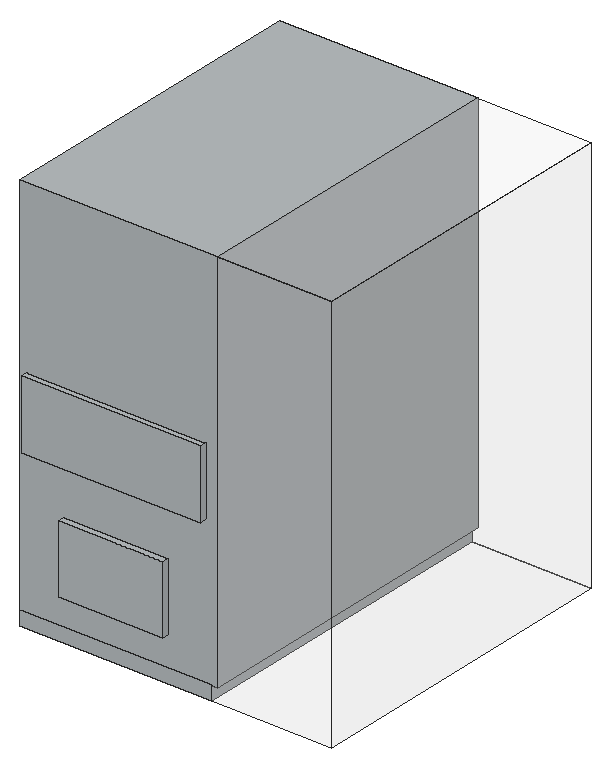
Revit family "lp-750x4-50_50Hz", category 機械設備, Revit 2019
Family settings
  丸型コネクタ寸法 = 直径を使用
  パーツ タイプ = 標準
  OmniClass 番号 = 23.75.10.34.21
  OmniClass タイトル = Heat Exchangers for Ventilation Air
  作業面ベース = いいえ
  常に垂直 = はい
  ロード時にボイドで切り取り = いいえ
  共有 = いいえ
  部屋計算ポイント = はい
Parameters (values of type "LP-750X4-50")
  騒音レベル(dB(A)) = 58.5
  風量 = 7500.0 m³/h
  面風速 = 7.75 m/s
  電源種別 [instance] = ""
  電圧 = 200 V
  電動機出力 = 3.7 W
  集中コントローラ = ""
  運転質量 = 0.00 kg
  連動 [instance] = ""
  質量 = if(製品質量 > 運転質量, 製品質量, 運転質量) * 1.2  # 1002.00 kg
  負荷分類 = 3_ファン類
  説明 = "設備用ロスナイ ビル用ロスナイパック形"
  設計風量 = 0.0 m³/h
  設置方法 = "床置形"
  記号 [instance] = ""
  製造元 = "三菱電機株式会社"
  製品質量 = 835.00 kg
  製品出荷対象 = "国内"
  製品リリース年月 = "2018/7/25"
  製品グループ = ""
  系統 [instance] = ""
  符号 = "HEU"
  積算_科目 = "1 空気調和設備"
  積算_拾い区分 [instance] = ""
  相 = 3
  盤記号 [instance] = ""
  発停方法 [instance] = ""
  特殊仕様 [instance] = ""
  火災停止 [instance] = ""
  温度交換効率 = 77.00%
  消費電力 = 7100 W
  法定耐用年数 = "15"
  機外静圧_排気 = 385.0 Pa
  機外静圧 = 385.0 Pa
  極数 = 3
  材質 [instance] = ""
  本体固定用穴ピッチ2 = 565 mm
  本体固定用穴ピッチ1 = 1930 mm
  本体固定用穴_径 = 20 mm
  本体マテリアル = 溶融亜鉛めっき鋼板
  操作・制御方式 = ""
  操作・制御スイッチ = ""
  排気量 = 0.0 m³/h
  形式 = "床置形"
  幹線記号 [instance] = ""
  対象室 [instance] = ""
  実風量 = 0.0 m³/h
  始動方式 [instance] = "直入"
  外気量 = 0.0 m³/h
  呼称 = "全熱交換ユニット"
  周波数 = 50 Hz
  参照している仕様書等のバージョン = ""
  初期抵抗 = 0.0 Pa
  分類コード = "50052504100050"
  分類グループ = ""
  価格 = 9710000
  企業コード = "108420"
  付属品_フィルター_還気 = ""
  付属品_フィルター = ""
  付属品 [instance] = ""
  仕様書バージョン = "Version1.0"
  モデル = "LP-750X4-50"
  メンテナンススペース = yes
  コメント [instance] = ""
  Keynote = ""
  エンタルピ交換効率_暖房 = 66.00%
  エンタルピ交換効率_冷房 = 60.00%
  Assembly Code = ""
  Width = 1218 mm
  W1 = 1180 mm
  Version = ""
  Uniclass2015Version = "Systems v1.9"
  Uniclass2015Title = "Thermal wheels"
  Uniclass2015Code = "Pr_60_60_36_88"
  URL = "https://www.mitsubishielectric.co.jp/ldg/wink/ssl/displayProduct.do?pid=294066"
  SpecificationReference = ""
  SpecificationDescription = ""
  SAサイズ_W = 640 mm
  SAサイズ_D = 420 mm
  Revision = ""
  RAダクト接続_通常 = yes
  RAダクト接続_変更3 = no
  RAダクト接続_変更2 = no
  RAダクト接続_変更1 = no
  RAサイズ_W = 1100 mm
  RAサイズ_D = 420 mm
  ProductInformation = ""
  OmniClassCode = "23-27 23 19 11"
  OAダクト接続_通常 = yes
  OAダクト接続_変更3 = no
  OAダクト接続_変更2 = no
  OAダクト接続_変更1 = no
  OAサイズ_W = 1100 mm
  OAサイズ_D = 420 mm
  MIN風量 = 0.0 m³/h
  MIN静圧 = 0.0 Pa
  MID風量 = 0.0 m³/h
  MID静圧 = 0.0 Pa
  MAX風量 = 7500.0 m³/h
  MAX静圧 = 385.0 Pa
  IfcTypeProduct = ""
  IfcProduct = ""
  IfcExportType = "ROTARYWHEEL"
  IfcExportAs = "IfcAirToAirHeatRecoveryType"
  Height = 2370 mm
  H1 = 90 mm
  EAサイズ_W = 640 mm
  EAサイズ_D = 420 mm
  Duct_SA_W = 273 mm
  Duct_SA_H = 274 mm
  Duct_RA_W = 43 mm
  Duct_RA_H = 296 mm
  Duct_RA_D = 49 mm
  Duct_Pitch1 = 80 mm
  Duct_OA_W = 43 mm
  Duct_OA_H = 296 mm
  Duct_OA_D = 49 mm
  Duct_Height = 41 mm
  Duct_EA_W = 273 mm
  Duct_EA_H = 274 mm
  Depth = 2000 mm
  D1 = 2000 mm
  Clearance Top = 0 mm
  Clearance Right = 700 mm
  Clearance Left = 0 mm
  Clearance Front = 0 mm
  Clearance Bottom = 0 mm
  Clearance Back = 0 mm
  Author = "三菱電機株式会社"
Reference planes
  plane 1 "中心(正面/背面)": y = 0
  plane 2: z = 0
  plane 3 "中心(左/右)": x = 0
  plane 4: x = 590
  plane 5: x = 628
  plane 6: y = 1000
  plane 7: y = 1000
  plane 8: y = -1000
  plane 9: y = -1000
  plane 10: x = -590
  plane 11: x = -590
  plane 12: y = 741
  plane 13: y = -741
  plane 14: y = -531
  plane 15: y = -951
  plane 16: y = 951
  plane 17: y = 531
  plane 18: x = -547
  plane 19: x = 553
  plane 20: z = 90
  plane 21: z = 2460
  plane 22: z = 2501
  plane 23: y = 565
  plane 24: y = -565
  plane 25: x = -965
  plane 26: x = 965
  plane 27: x = 1328
  plane 28: x = -590
  plane 29: y = 1000
  plane 30: y = -1000
  plane 31: z = 2460
  plane 32: z = 0
  plane 33: x = -317
  plane 34: x = 323
  plane 35: z = 274
  plane 36: z = 694
  plane 37: z = 990
  plane 38: z = 1410
  plane 39: x = -547
  plane 40: x = 553
  plane 41: y = -1041
  plane 42: y = 1041
  plane 43: x = -317
  plane 44: x = 323
  plane 45: z = 274
  plane 46: z = 694
  plane 47: z = 990
  plane 48: z = 1410
  plane 49: z = 1490
  plane 50: z = 1910
  plane 51: z = 1910
  plane 52: z = 1490
  plane 53: z = 1990
  plane 54: z = 1990
  plane 55: z = 2410
  plane 56: z = 2410
Forms (mm)
  Extrusion 1, solid, material "溶融亜鉛めっき鋼板" <- "本体マテリアル", detail levels fine
    sketch origin (0, 0, 0) x (1, 0, 0) y (0, 1, 0)
      loop
        line (-590, 1000) -> (-590, -1000) -> (628, -1000) -> (628, 1000) -> (-590, 1000)
    from 90 to 2460
  Extrusion 2, solid, material "溶融亜鉛めっき鋼板" <- "本体マテリアル", detail levels fine
    sketch origin (0, 0, 0) x (1, 0, 0) y (0, 1, 0)
      loop
        line (-590, 1000) -> (-590, -1000) -> (590, -1000) -> (590, 1000) -> (-590, 1000)
    from 0 to 90
  Extrusion 3, solid, material "溶融亜鉛めっき鋼板" <- "本体マテリアル", visible <- "RAダクト接続_変更1", detail levels fine
    sketch origin (0, 0, 0) x (1, 0, 0) y (0, 1, 0)
      loop
        line (-547, -951) -> (553, -951) -> (553, -531) -> (-547, -531) -> (-547, -951)
    from 2460 to 2501
  Extrusion 4, solid, material "溶融亜鉛めっき鋼板" <- "本体マテリアル", visible <- "OAダクト接続_変更1", detail levels fine
    sketch origin (0, 0, 0) x (1, 0, 0) y (0, 1, 0)
      loop
        line (-547, 951) -> (-547, 531) -> (553, 531) -> (553, 951) -> (-547, 951)
    from 2460 to 2501
  Extrusion 5, solid, material "溶融亜鉛めっき鋼板" <- "本体マテリアル", detail levels fine
    sketch origin (0, 0, 0) x (1, 0, 0) y (0, 0, 1)
      loop
        line (-317, 274) -> (323, 274) -> (323, 694) -> (-317, 694) -> (-317, 274)
    from 1000 to 1041
  Extrusion 6, solid, material "溶融亜鉛めっき鋼板" <- "本体マテリアル", detail levels fine
    sketch origin (0, 0, 0) x (1, 0, 0) y (0, 0, 1)
      loop
        line (323, 694) -> (-317, 694) -> (-317, 274) -> (323, 274) -> (323, 694)
    from -1041 to -1000
  Extrusion 7, solid, material "溶融亜鉛めっき鋼板" <- "本体マテリアル", visible <- "OAダクト接続_通常", detail levels fine
    sketch origin (0, -420, 0) x (1, 0, 0) y (0, 0, 1)
      loop
        line (-547, 990) -> (553, 990) -> (553, 1410) -> (-547, 1410) -> (-547, 990)
    from -1461 to -1420
  Extrusion 8, solid, material "溶融亜鉛めっき鋼板" <- "本体マテリアル", visible <- "RAダクト接続_通常", detail levels fine
    sketch origin (0, 240, 0) x (1, 0, 0) y (0, 0, 1)
      loop
        line (-547, 1410) -> (-547, 990) -> (553, 990) -> (553, 1410) -> (-547, 1410)
    from 1240 to 1281
  Extrusion 9, solid, material "溶融亜鉛めっき鋼板" <- "本体マテリアル", visible <- "OAダクト接続_変更3", detail levels fine
    sketch origin (0, 0, 0) x (1, 0, 0) y (0, 0, 1)
      loop
        line (553, 1490) -> (553, 1910) -> (-547, 1910) -> (-547, 1490) -> (553, 1490)
    from -1041 to -1000
  Extrusion 10, solid, material "溶融亜鉛めっき鋼板" <- "本体マテリアル", visible <- "RAダクト接続_変更3", detail levels fine
    sketch origin (0, 0, 0) x (1, 0, 0) y (0, 0, 1)
      loop
        line (553, 1490) -> (553, 1910) -> (-547, 1910) -> (-547, 1490) -> (553, 1490)
    from 1000 to 1041
  Extrusion 11, solid, material "溶融亜鉛めっき鋼板" <- "本体マテリアル", visible <- "RAダクト接続_変更2"
    sketch origin (0, 0, 0) x (1, 0, 0) y (0, 0, 1)
      loop
        line (-547, 1990) -> (553, 1990) -> (553, 2410) -> (-547, 2410) -> (-547, 1990)
    from 1000 to 1041
  Extrusion 12, solid, material "溶融亜鉛めっき鋼板" <- "本体マテリアル", visible <- "OAダクト接続_変更2"
    sketch origin (0, 0, 0) x (1, 0, 0) y (0, 0, 1)
      loop
        line (-547, 1990) -> (553, 1990) -> (553, 2410) -> (-547, 2410) -> (-547, 1990)
    from -1041 to -1000
Lines and regions (mm)
  Masking region 1, detail levels coarse+medium
    outline origin (1331.5, 88, 0) x (1, 0, 0) y (0, 1, 0)
      loop
        line (-1921.5, 912) -> (-1921.5, -1088) -> (-741.5, -1088) -> (-741.5, 912) -> (-1921.5, 912)
  symbolic lines, detail levels coarse+medium
    curve 1: line (0, 1000, 0) -> (-590, 0, 0)
    curve 2: line (-590, 0, 0) -> (0, -1000, 0)
    curve 3: line (0, -1000, 0) -> (590, 0, 0)
    curve 4: line (0, 1000, 0) -> (590, 0, 0)
Dimensions and locks
  equal spacing: plane 10, plane 3 "中心(左/右)", plane 4
  "W1": plane 10 to plane 4
  "Width": plane 11 to plane 5
  equal spacing: plane 7, plane 1 "中心(正面/背面)", plane 9
  "D1": plane 7 to plane 9
  equal spacing: plane 6, plane 1 "中心(正面/背面)", plane 8
  "Depth": plane 6 to plane 8
  equal spacing: plane 15, plane 13, plane 14
  "RAサイズ_D": plane 15 to plane 14
  equal spacing: plane 17, plane 12, plane 16
  "OAサイズ_D": plane 17 to plane 16
  "RAサイズ_W": plane 18 to plane 19
  locked: plane 11 to plane 10 at 0
  "H1": plane 20 to level
  "Height": plane 21 to plane 20
  "Duct_Height": plane 22 to plane 21
  "本体固定用穴ピッチ2": plane 1 "中心(正面/背面)" to plane 23
  "本体固定用穴ピッチ2": plane 24 to plane 1 "中心(正面/背面)"
  equal spacing: plane 25, plane 3 "中心(左/右)", plane 26
  "本体固定用穴ピッチ1": plane 25 to plane 26
  "Clearance Right": plane 5 to plane 27
  "Clearance Left": plane 28 to plane 11
  "Clearance Back": plane 29 to plane 6
  "Clearance Front": plane 8 to plane 30
  "Clearance Top": plane 31 to plane 21
  "Clearance Bottom": level to plane 32
  "Duct_RA_D": plane 8 to plane 15
  "Duct_OA_D": plane 6 to plane 16
  "Duct_SA_H": plane 35 to level
  "SAサイズ_D": plane 36 to plane 35
  "Duct_RA_H": plane 37 to plane 36
  "RAサイズ_D": plane 38 to plane 37
  "OAサイズ_W": plane 39 to plane 40
  "Duct_OA_W": plane 11 to plane 39
  "Duct_RA_W": plane 11 to plane 18
  "Duct_Height": plane 8 to plane 41
  "SAサイズ_W": plane 34 to plane 33
  "Duct_Height": plane 42 to plane 6
  "Duct_SA_W": plane 33 to plane 11
  "EAサイズ_D": plane 46 to plane 45
  "Duct_EA_H": plane 45 to level
  "Duct_EA_W": plane 43 to plane 11
  "EAサイズ_W": plane 44 to plane 43
  "OAサイズ_D": plane 48 to plane 47
  "Duct_OA_H": plane 47 to plane 46
  "Duct_Pitch1": plane 49 to plane 38
  "RAサイズ_D": plane 50 to plane 49
  "Duct_Pitch1": plane 52 to plane 48
  "OAサイズ_D": plane 51 to plane 52
  "Duct_Pitch1": plane 53 to plane 50
  "RAサイズ_D": plane 55 to plane 53
  "Duct_Pitch1": plane 54 to plane 51
  "OAサイズ_D": plane 56 to plane 54
  aligned and locked: level to plane 2
  aligned and locked: Extrusion 1 sketch curve to plane 6
  aligned and locked: plane 10 to Extrusion 1 sketch curve
  aligned and locked: Extrusion 1 sketch curve to plane 8
  aligned and locked: Extrusion 2 sketch curve to plane 7
  aligned and locked: plane 11 to Extrusion 2 sketch curve
  aligned and locked: Extrusion 2 sketch curve to plane 9
  aligned and locked: plane 15 to Extrusion 3 sketch curve
  aligned and locked: Extrusion 3 sketch curve to plane 18
  aligned and locked: plane 14 to Extrusion 3 sketch curve
  aligned and locked: Extrusion 3 sketch curve to plane 19
  aligned and locked: plane 9 to Masking region 1
  aligned and locked: Masking region 1 to plane 11
  aligned and locked: plane 7 to Masking region 1
  aligned and locked: Masking region 1 to curve 1
  aligned and locked: Masking region 1 to curve 2
  aligned and locked: plane 20 to Extrusion 2
  aligned and locked: plane 21 to Extrusion 1
  aligned and locked: Extrusion 1 to plane 20
  aligned and locked: plane 22 to Extrusion 3
  aligned and locked: Extrusion 3 to plane 21
  aligned and locked: plane 27 to nested 1
  aligned and locked: nested 1 to plane 30
  aligned and locked: nested 1 to plane 29
  aligned and locked: nested 1 to plane 31
  aligned and locked: nested 1 to plane 32
  aligned and locked: plane 9 to curve 2
  aligned and locked: plane 3 "中心(左/右)" to curve 3
  aligned and locked: plane 4 to curve 3
  aligned and locked: plane 3 "中心(左/右)" to curve 4
  aligned and locked: plane 1 "中心(正面/背面)" to curve 4
  aligned and locked: nested 2 to plane 24
  aligned and locked: plane 25 to nested 2
  aligned and locked: nested 2 to plane 26
  aligned and locked: plane 25 to nested 3
  aligned and locked: nested 3 to plane 26
  aligned and locked: plane 1 "中心(正面/背面)" to nested 3
  aligned and locked: plane 25 to nested 4
  aligned and locked: nested 4 to plane 26
  aligned and locked: nested 4 to plane 23
  aligned and locked: nested 1 to plane 28
  aligned and locked: Masking region 1 to plane 4
  aligned and locked: plane 4 to Extrusion 2 sketch curve
  aligned and locked: plane 5 to Extrusion 1 sketch curve
  aligned and locked: Extrusion 4 sketch curve to plane 16
  aligned and locked: plane 18 to Extrusion 4 sketch curve
  aligned and locked: Extrusion 4 sketch curve to plane 17
  aligned and locked: plane 22 to Extrusion 4
  aligned and locked: Extrusion 4 to plane 21
  aligned and locked: Extrusion 5 sketch curve to plane 35
  aligned and locked: Extrusion 5 sketch curve to plane 33
  aligned and locked: plane 36 to Extrusion 5 sketch curve
  aligned and locked: Extrusion 5 sketch curve to plane 34
  aligned and locked: Extrusion 5 to plane 41
  aligned and locked: Extrusion 5 to plane 8
  aligned and locked: Extrusion 6 to plane 42
  aligned and locked: Extrusion 6 to plane 6
  aligned and locked: Extrusion 7 to plane 42
  aligned and locked: Extrusion 7 to plane 6
  aligned and locked: Extrusion 8 sketch curve to plane 38
  aligned and locked: plane 18 to Extrusion 8 sketch curve
  aligned and locked: Extrusion 8 sketch curve to plane 37
  aligned and locked: plane 19 to Extrusion 8 sketch curve
  aligned and locked: Extrusion 8 to plane 41
  aligned and locked: Extrusion 8 to plane 8
  aligned and locked: plane 46 to Extrusion 6 sketch curve
  aligned and locked: plane 44 to Extrusion 6 sketch curve
  aligned and locked: Extrusion 6 sketch curve to plane 45
  aligned and locked: Extrusion 6 sketch curve to plane 43
  aligned and locked: Extrusion 7 sketch curve to plane 47
  aligned and locked: Extrusion 7 sketch curve to plane 18
  aligned and locked: plane 48 to Extrusion 7 sketch curve
  aligned and locked: plane 40 to Extrusion 4 sketch curve
  aligned and locked: Extrusion 7 sketch curve to plane 40
  aligned and locked: plane 52 to Extrusion 9 sketch curve
  aligned and locked: plane 40 to Extrusion 9 sketch curve
  aligned and locked: Extrusion 9 sketch curve to plane 51
  aligned and locked: Extrusion 9 to plane 42
  aligned and locked: Extrusion 9 to plane 6
  aligned and locked: Extrusion 10 sketch curve to plane 49
  aligned and locked: plane 19 to Extrusion 10 sketch curve
  aligned and locked: Extrusion 10 sketch curve to plane 50
  aligned and locked: plane 18 to Extrusion 10 sketch curve
  aligned and locked: plane 39 to Extrusion 9 sketch curve
  aligned and locked: Extrusion 10 to plane 41
  aligned and locked: Extrusion 10 to plane 8
  aligned and locked: Extrusion 11 sketch curve to plane 18
  aligned and locked: Extrusion 11 sketch curve to plane 19
  aligned and locked: Extrusion 11 sketch curve to plane 53
  aligned and locked: plane 55 to Extrusion 11 sketch curve
  aligned and locked: Extrusion 12 sketch curve to plane 54
  aligned and locked: Extrusion 12 sketch curve to plane 39
  aligned and locked: plane 56 to Extrusion 12 sketch curve
  aligned and locked: Extrusion 12 sketch curve to plane 40
  aligned and locked: Extrusion 12 to plane 42
  aligned and locked: Extrusion 12 to plane 6
  aligned and locked: Extrusion 11 to plane 41
  aligned and locked: Extrusion 11 to plane 8
Automatic sketch dimensions
  plane 1 "中心(正面/背面)" to curve 1 = 0 mm
  curve 1 to plane 10 = 0 mm
  curve 4 to plane 7 = 0 mm
  plane 9 to Masking region 1 sketch curve = 0 mm
  Masking region 1 sketch curve to plane 10 = 0 mm
  Masking region 1 sketch curve to plane 4 = 0 mm
  Masking region 1 sketch curve to plane 7 = 0 mm
Nested families
  nested 1: "メンテナンススペース" at (369, 0, 1230), visible <- "メンテナンススペース", type "メンテナンススペース"
    with Width 1918 mm, Height 2460 mm, Depth 2000 mm
  nested 2: "固定点" at (-965, -565, 0), type "固定点"
    with W 1930 mm, D 1000 mm
  nested 3: "固定点" at (-965, 0, 0), type "固定点"
    with W 1930 mm, D 1000 mm
  nested 4: "固定点" at (-965, 565, 0), type "固定点"
    with W 1930 mm, D 1000 mm
Connectors
  electrical at (628, 0, 1275), driven by "極数", driven by "負荷分類", driven by "電圧", driven by "消費電力"
    settings: on Extrusion 1, index 5, voltage 200 V, apparent load 7100 VA, apparent load phase1 0 VA, apparent load phase2 0 VA, apparent load phase3 0 VA, power factor 1, load classification "3_ファン類", number of poles 3, system type 30, power factor state 1, is connector primary yes, connector utility no, sub classification motor no, connector description ""
  hvac at (3, -1041, 484), driven by "SAサイズ_D", driven by "SAサイズ_W", driven by "機外静圧", driven by "風量"
    settings: on Extrusion 5, index 6, duct flow 7500.0 m³/h, flow factor 0, pres drop 385.0 Pa, loss coef 0, conn angle 0.00°, conn width 640 mm, conn height 420 mm, conn diameter 609.6 mm, duct sys type 1, conn prof type 1, flow config 0, flow direction 2, loss method 4, conn ref index -1, conn util no, is conn primary yes, conn desc ""
  hvac at (3, -1041, 1200), driven by "RAサイズ_D", driven by "RAサイズ_W", driven by "機外静圧", driven by "風量"
    settings: on Extrusion 8, index 8, duct flow 7500.0 m³/h, flow factor 0, pres drop 385.0 Pa, loss coef 0, conn angle 0.00°, conn width 1100 mm, conn height 420 mm, conn diameter 609.6 mm, duct sys type 2, conn prof type 1, flow config 0, flow direction 1, loss method 4, conn ref index -1, conn util no, is conn primary no, conn desc ""
  hvac at (3, -741, 2501), driven by "RAサイズ_D", driven by "RAサイズ_W"
    settings: on Extrusion 3, index 9, duct flow 0.0 m³/h, flow factor 0, pres drop 0.0 Pa, loss coef 0, conn angle 0.00°, conn width 1100 mm, conn height 420 mm, conn diameter 609.6 mm, duct sys type 2, conn prof type 1, flow config 0, flow direction 1, loss method 4, conn ref index -1, conn util no, is conn primary no, conn desc ""
  hvac at (3, 741, 2501), driven by "OAサイズ_D", driven by "OAサイズ_W", driven by "機外静圧", driven by "風量"
    settings: on Extrusion 4, index 10, duct flow 7500.0 m³/h, flow factor 0, pres drop 385.0 Pa, loss coef 0, conn angle 0.00°, conn width 1100 mm, conn height 420 mm, conn diameter 609.6 mm, duct sys type 4, conn prof type 1, flow config 0, flow direction 1, loss method 4, conn ref index -1, conn util no, is conn primary no, conn desc ""
  hvac at (3, 1041, 1200), driven by "OAサイズ_D", driven by "OAサイズ_W", driven by "機外静圧", driven by "風量"
    settings: on Extrusion 7, index 11, duct flow 7500.0 m³/h, flow factor 0, pres drop 385.0 Pa, loss coef 0, conn angle 0.00°, conn width 1100 mm, conn height 420 mm, conn diameter 609.6 mm, duct sys type 4, conn prof type 1, flow config 0, flow direction 1, loss method 4, conn ref index -1, conn util no, is conn primary no, conn desc ""
  hvac at (3, 1041, 484), driven by "EAサイズ_D", driven by "EAサイズ_W", driven by "機外静圧_排気", driven by "排気量"
    settings: on Extrusion 6, index 12, duct flow 0.0 m³/h, flow factor 0, pres drop 385.0 Pa, loss coef 0, conn angle 0.00°, conn width 640 mm, conn height 420 mm, conn diameter 609.6 mm, duct sys type 3, conn prof type 1, flow config 0, flow direction 2, loss method 4, conn ref index -1, conn util no, is conn primary no, conn desc ""
  hvac at (3, -1041, 1700), driven by "RAサイズ_D", driven by "RAサイズ_W", driven by "機外静圧", driven by "風量"
    settings: on Extrusion 10, index 13, duct flow 7500.0 m³/h, flow factor 0, pres drop 385.0 Pa, loss coef 0, conn angle 0.00°, conn width 1100 mm, conn height 420 mm, conn diameter 609.6 mm, duct sys type 2, conn prof type 1, flow config 0, flow direction 1, loss method 4, conn ref index -1, conn util no, is conn primary no, conn desc ""
  hvac at (3, 1041, 1700), driven by "OAサイズ_D", driven by "OAサイズ_W", driven by "機外静圧", driven by "風量"
    settings: on Extrusion 9, index 14, duct flow 7500.0 m³/h, flow factor 0, pres drop 385.0 Pa, loss coef 0, conn angle 0.00°, conn width 1100 mm, conn height 420 mm, conn diameter 609.6 mm, duct sys type 4, conn prof type 1, flow config 0, flow direction 1, loss method 4, conn ref index -1, conn util no, is conn primary no, conn desc ""
  hvac at (3, -1041, 2200), driven by "RAサイズ_D", driven by "RAサイズ_W", driven by "機外静圧", driven by "風量"
    settings: on Extrusion 11, index 16, duct flow 7500.0 m³/h, flow factor 0, pres drop 385.0 Pa, loss coef 0, conn angle 0.00°, conn width 1100 mm, conn height 420 mm, conn diameter 609.6 mm, duct sys type 2, conn prof type 1, flow config 0, flow direction 1, loss method 4, conn ref index -1, conn util no, is conn primary no, conn desc ""
  hvac at (3, 1041, 2200), driven by "OAサイズ_D", driven by "OAサイズ_W", driven by "機外静圧", driven by "風量"
    settings: on Extrusion 12, index 18, duct flow 7500.0 m³/h, flow factor 0, pres drop 385.0 Pa, loss coef 0, conn angle 0.00°, conn width 1100 mm, conn height 420 mm, conn diameter 609.6 mm, duct sys type 4, conn prof type 1, flow config 0, flow direction 1, loss method 4, conn ref index -1, conn util no, is conn primary no, conn desc ""
Definition of nested family "メンテナンススペース"
  Parameters (values of type "メンテナンススペース")
    Width [instance] = 500 mm
    Height [instance] = 500 mm
    Depth [instance] = 500 mm
  Reference planes
    plane 1 "中心(正面/背面)": y = 0
    plane 2: z = 0
    plane 3 "中心(左/右)": x = 0
    plane 4: y = -250
    plane 5: x = 250
    plane 6: y = 250
    plane 7: x = -250
    plane 8: z = 250
    plane 9: z = -250
  Forms (mm)
    Extrusion 1, solid
      sketch origin (-638.939, 0, 72.39) x (1, 0, 0) y (0, 1, 0)
        loop
          line (388.939, 250) -> (388.939, -250) -> (888.939, -250) -> (888.939, 250) -> (388.939, 250)
      from -322.39 to 177.61
  Lines and regions (mm)
    symbolic lines
      curve 1: line (-250, 0, 250) -> (250, 0, 250)
      curve 2: line (-250, 0, -250) -> (-250, 0, 250)
      curve 3: line (250, 0, -250) -> (-250, 0, -250)
      curve 4: line (250, 0, 250) -> (250, 0, -250)
      curve 5: line (0, -250, 250) -> (0, 250, 250)
      curve 6: line (0, -250, -250) -> (0, -250, 250)
      curve 7: line (0, 250, -250) -> (0, -250, -250)
      curve 8: line (0, 250, 250) -> (0, 250, -250)
      curve 9: line (-250, 250, 0) -> (250, 250, 0)
      curve 10: line (-250, -250, 0) -> (-250, 250, 0)
      curve 11: line (250, -250, 0) -> (-250, -250, 0)
      curve 12: line (250, 250, 0) -> (250, -250, 0)
  Dimensions and locks
    equal spacing: plane 7, plane 3 "中心(左/右)", plane 5
    equal spacing: plane 4, plane 1 "中心(正面/背面)", plane 6
    "Depth": plane 4 to plane 6
    "Width": plane 7 to plane 5
    equal spacing: plane 8, plane 2, plane 9
    "Height": plane 8 to plane 9
    aligned and locked: plane 9 to curve 3
    aligned and locked: plane 7 to curve 2
    aligned and locked: curve 4 to plane 5
    aligned and locked: plane 5 to Extrusion 1
    aligned and locked: Extrusion 1 to plane 7
    aligned and locked: Extrusion 1 to plane 9
    aligned and locked: plane 8 to Extrusion 1
    aligned and locked: plane 9 to curve 7
  Automatic sketch dimensions
    plane 4 to Extrusion 1 sketch curve = 0 mm
    Extrusion 1 sketch curve to plane 7 = 0 mm
    Extrusion 1 sketch curve to plane 5 = 0 mm
    plane 6 to Extrusion 1 sketch curve = 0 mm
    curve 2 to plane 8 = 0 mm
    plane 4 to curve 11 = 0 mm
    curve 11 to plane 7 = 0 mm
    curve 11 to plane 5 = 0 mm
    plane 6 to curve 10 = 0 mm
    curve 7 to plane 4 = 0 mm
    curve 7 to plane 6 = 0 mm
    curve 6 to plane 8 = 0 mm
Definition of nested family "固定点"
  Parameters (values of type "固定点")
    中心円 = 20 mm
    W [instance] = 1000 mm
    D [instance] = 1000 mm
  Reference planes
    plane 1 "中心(正面/背面)": y = 0
    plane 2: z = 0
    plane 3 "中心(左/右)": x = 0
    plane 4: x = 1000
  Lines and regions (mm)
    symbolic lines, detail levels fine
      curve 1: circle (0, 0, 0) r 10 normal (0, 0, 1)
      curve 2: circle (1000, 0, 0) r 10 normal (0, 0, 1)
      curve 3: line (-200, 0, 0) -> (1200, 0, 0)
      curve 4: line (0, 200, 0) -> (0, -200, 0)
      curve 5: line (1000, 200, 0) -> (1000, -200, 0)
  Dimensions and locks
    "W": plane 3 "中心(左/右)" to plane 4
    "中心円": diameter of curve 1
    "中心円": diameter of curve 2
    aligned and locked: level to plane 2
    aligned and locked: plane 3 "中心(左/右)" to curve 1
    aligned and locked: plane 1 "中心(正面/背面)" to curve 1
    aligned and locked: plane 1 "中心(正面/背面)" to curve 2
    aligned and locked: plane 4 to curve 2
    aligned and locked: plane 1 "中心(正面/背面)" to curve 3
    aligned and locked: curve 4 to plane 3 "中心(左/右)"
    aligned and locked: curve 5 to plane 4
  Automatic sketch dimensions
    curve 3 to plane 3 "中心(左/右)" = 200 mm
    curve 2 to curve 3 = 200 mm
    plane 1 "中心(正面/背面)" to curve 4 = 200 mm
    plane 1 "中心(正面/背面)" to curve 5 = 200 mm
    curve 5 to plane 1 "中心(正面/背面)" = 200 mm
    curve 4 to plane 1 "中心(正面/背面)" = 200 mm
